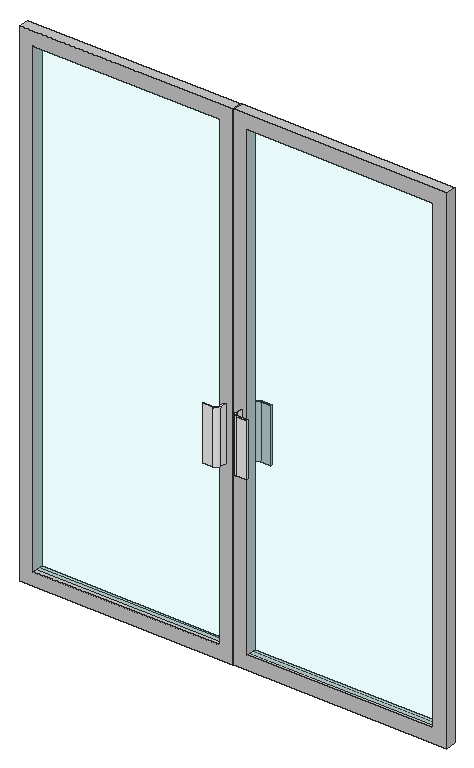
Revit family "RYN_CT.DOR_Swing_2Panel_In.CG_Fr.AL", category Doors, Revit 2025
Family settings
  OmniClass Number = 23.30.10.00
  OmniClass Title = Doors
  Always vertical = Yes
  Cut with Voids When Loaded = No
  Shared = No
  Room Calculation Point = No
Parameters
  Type Comments = "RYN_CT.DOR_Swing_2Panel_In.CG_Fr.AL"
  RYN_Door_OpenArea = 0.00 m²
  RYN_Door_Name = ""
  Offset = 55 mm
  Material = Door - Frame - ALUM
  Glazing Material = Door - GLASS
  Function = Exterior
  Description = "2 Panel Swing Curtain Wall Door - Clear Glass Panel - Aluminum Frame"
  Define Thermal Properties by = 1
  Assembly Code = ""
  Analytic Construction = "<None>"
Reference planes
  plane 1 "Center (Front/Back": y = 0
  plane 2: z = 0
  plane 3 "Center (Left/Right)": x = 82.523
  plane 4 "Left": x = -831.877
  plane 5 "Right": x = 996.923
  plane 6 "Top": z = 2133.6
  plane 7: y = 10.55
  plane 8: y = 55
  plane 9: z = 990.6
  plane 10: z = 762
Forms (mm)
  Extrusion 1, solid, material "Door - Frame - ALUM" <- "Material"
    sketch origin (0, 0, 0) x (1, 0, 0) y (0, 0, 1)
      loop
        line (996.923, 2133.6) -> (83.317, 2133.6) -> (83.317, 0) -> (996.923, 0) -> (996.923, 2133.6)
      loop
        line (-831.877, 2133.6) -> (-831.877, 0) -> (81.729, 0) -> (81.729, 2133.6) -> (-831.877, 2133.6)
      loop
        line (939.773, 2076.45) -> (140.467, 2076.45) -> (140.467, 57.15) -> (939.773, 57.15) -> (939.773, 2076.45)
      loop
        line (24.579, 2076.45) -> (-774.727, 2076.45) -> (-774.727, 57.15) -> (24.579, 57.15) -> (24.579, 2076.45)
    from -55 to -10.55
  Extrusion 2, solid, material "Door - GLASS" <- "Glazing Material"
    sketch origin (0, 0, 0) x (1, 0, 0) y (0, 0, 1)
      loop
        line (939.773, 2076.45) -> (140.467, 2076.45) -> (140.467, 57.15) -> (939.773, 57.15) -> (939.773, 2076.45)
      loop
        line (24.579, 2076.45) -> (-774.727, 2076.45) -> (-774.727, 57.15) -> (24.579, 57.15) -> (24.579, 2076.45)
    from -42.3 to -23.25
  Extrusion 3, solid, material "Door - Frame - ALUM" <- "Material"
    sketch origin (0, 0, 0) x (1, 0, 0) y (0, 1, 0)
      loop
        line (50.773, 55) -> (50.773, 80.4)
        arc (50.773, 80.4) -> (45.193, 93.87) -> (31.723, 99.45) r 19.05
        line (31.723, 99.45) -> (-12.727, 99.45) -> (-12.727, 93.1) -> (31.723, 93.1)
        arc (31.723, 93.1) -> (40.703, 89.38) -> (44.423, 80.4) r 12.7
        line (44.423, 80.4) -> (44.423, 55) -> (50.773, 55)
      loop
        line (114.273, 55) -> (120.623, 55) -> (120.623, 80.4)
        arc (120.623, 80.4) -> (124.343, 89.38) -> (133.323, 93.1) r 12.7
        line (133.323, 93.1) -> (177.773, 93.1) -> (177.773, 99.45) -> (133.323, 99.45)
        arc (133.323, 99.45) -> (119.853, 93.87) -> (114.273, 80.4) r 19.05
        line (114.273, 80.4) -> (114.273, 55)
    from 762 to 990.6
  Extrusion 4, solid, material "Metal - Aluminum"
    sketch origin (0, 0, 0) x (1, 0, 0) y (0, 1, 0)
      loop
        line (50.773, 10.55) -> (44.423, 10.55) -> (44.423, -14.85)
        arc (44.423, -14.85) -> (40.703, -23.83) -> (31.723, -27.55) r 12.7
        line (31.723, -27.55) -> (-12.727, -27.55) -> (-12.727, -33.9) -> (31.723, -33.9)
        arc (31.723, -33.9) -> (45.193, -28.32) -> (50.773, -14.85) r 19.05
        line (50.773, -14.85) -> (50.773, 10.55)
      loop
        line (114.273, 10.55) -> (114.273, -14.85)
        arc (114.273, -14.85) -> (119.853, -28.32) -> (133.323, -33.9) r 19.05
        line (133.323, -33.9) -> (177.773, -33.9) -> (177.773, -27.55) -> (133.323, -27.55)
        arc (133.323, -27.55) -> (124.343, -23.83) -> (120.623, -14.85) r 12.7
        line (120.623, -14.85) -> (120.623, 10.55) -> (114.273, 10.55)
    from 762 to 990.6
Lines and regions (mm)
  symbolic lines, style "DoorsPanelProjection"
    curve 1: line (-831.877, 10.55, 0) -> (-831.877, 921.775, 0)
    curve 2: line (996.923, 10.55, 0) -> (996.923, 928.125, 0)
  symbolic lines, style "Plan Swing"
    curve 3: arc (79.348, 10.55, 0) -> (348.1, 659.374, 0) -> (996.923, 928.125, 0) r 917.575
    curve 4: arc (79.348, 10.55, 0) -> (-187.544, 654.883, 0) -> (-831.877, 921.775, 0) r 911.225
  symbolic lines, style "Elevation Swing"
    curve 5: line (83.317, 0, 2133.6) -> (996.923, 0, 1066.8)
    curve 6: line (996.923, 0, 1066.8) -> (83.317, 0, 0)
    curve 7: line (83.317, 0, 0) -> (-831.877, 0, 1066.8)
    curve 8: line (-831.877, 0, 1066.8) -> (83.317, 0, 2133.6)
Text (mm)
  text "Exterior" at (-1422.424, 797.241, 0), in view "Base Line"
Dimensions and locks
  equal spacing: plane 4 "Left", plane 3 "Center (Left/Right)", plane 5 "Right"
  locked: Extrusion 1 sketch curve to plane 5 "Right" at 57.15
  locked: plane 2 to Extrusion 1 sketch curve at 57.15  (x2)
  locked: Extrusion 1 sketch curve to plane 6 "Top" at 57.15  (x2)
  locked: plane 4 "Left" to Extrusion 1 sketch curve at 57.15
  locked: Extrusion 1 sketch curve to Extrusion 1 sketch curve at 57.15  (x2)
  locked: plane 2 to plane 9 at 990.6
  locked: plane 10 to plane 9 at 228.6
  Extrusion 1 sketch curve to plane 3 "Center (Left/Right)" to Extrusion 1 sketch curve = 0.794 mm locked, 0.794 mm locked
  "Offset": plane 1 "Center (Front/Back" to plane 8
  locked: plane 7 to plane 8 at 44.45
  locked: Extrusion 2 to plane 8 at 12.7
  locked: plane 7 to Extrusion 2 at 12.7
  equal spacing: plane 2, curve 8, plane 6 "Top"
  equal spacing: plane 2, curve 6, plane 6 "Top"
  aligned and locked: Extrusion 1 to plane 8
  aligned and locked: plane 7 to Extrusion 1
  aligned and locked: plane 8 to Extrusion 3 sketch curve
  aligned and locked: Extrusion 3 sketch curve to plane 8
  aligned and locked: plane 7 to Extrusion 4 sketch curve
  aligned and locked: Extrusion 4 sketch curve to plane 7
  aligned and locked: Extrusion 3 to plane 9
  aligned and locked: plane 10 to Extrusion 3
  aligned and locked: Extrusion 4 to plane 9
  aligned and locked: plane 10 to Extrusion 4
Automatic sketch dimensions
  curve 1 to plane 4 "Left" = 0 mm
  curve 3 to plane 7 = 0 mm
  curve 2 to plane 5 "Right" = 0 mm
  curve 1 to plane 7 = 0 mm
  curve 2 to plane 7 = 0 mm
  curve 3 to plane 3 "Center (Left/Right)" = 3.175 mm
  curve 4 to curve 3 = 0 mm
  Extrusion 1 sketch curve to level = 0 mm  (x2)
  Extrusion 1 sketch curve to plane 4 "Left" = 0 mm
  Extrusion 1 sketch curve to plane 5 "Right" = 0 mm
  Extrusion 1 sketch curve to plane 6 "Top" = 0 mm  (x2)
  Extrusion 2 sketch curve to plane 4 "Left" = 57.15 mm
  Extrusion 2 sketch curve to plane 3 "Center (Left/Right)" = 57.944 mm
  plane 3 "Center (Left/Right)" to Extrusion 2 sketch curve = 57.944 mm
  plane 5 "Right" to Extrusion 2 sketch curve = 57.15 mm
  level to Extrusion 2 sketch curve = 57.15 mm  (x2)
  plane 6 "Top" to Extrusion 2 sketch curve = 57.15 mm  (x2)
  Extrusion 3 sketch curve to plane 8 = 38.1 mm
  Extrusion 3 sketch curve to plane 3 "Center (Left/Right)" = 95.25 mm
  Extrusion 3 sketch curve to Extrusion 3 sketch curve = 44.45 mm  (x2)
  Extrusion 3 sketch curve to Extrusion 3 sketch curve = 0 mm  (x4)
  Extrusion 3 sketch curve to Extrusion 3 sketch curve = 12.7 mm
  Extrusion 3 sketch curve to Extrusion 3 sketch curve = 6.35 mm  (x2)
  plane 3 "Center (Left/Right)" to Extrusion 3 sketch curve = 31.75 mm
  Extrusion 3 sketch curve to Extrusion 3 sketch curve = 19.05 mm
  Extrusion 3 sketch curve to Extrusion 3 sketch curve = 25.4 mm
  plane 7 to Extrusion 4 sketch curve = 38.1 mm
  Extrusion 4 sketch curve to plane 3 "Center (Left/Right)" = 95.25 mm
  Extrusion 4 sketch curve to Extrusion 4 sketch curve = 44.45 mm  (x2)
  Extrusion 4 sketch curve to Extrusion 4 sketch curve = 0 mm  (x2)
  Extrusion 4 sketch curve to Extrusion 4 sketch curve = 12.7 mm  (x2)
  Extrusion 4 sketch curve to Extrusion 4 sketch curve = 6.35 mm  (x4)
  plane 3 "Center (Left/Right)" to Extrusion 4 sketch curve = 31.75 mm
  plane 7 to Extrusion 4 sketch curve = 44.45 mm
  curve 5 to plane 6 "Top" = 0 mm
  curve 7 to plane 4 "Left" = 0 mm
  curve 6 to plane 5 "Right" = 0 mm
  curve 7 to level = 0 mm
  plane 3 "Center (Left/Right)" to curve 6 = 0.794 mm
  plane 3 "Center (Left/Right)" to curve 8 = 0.794 mm
